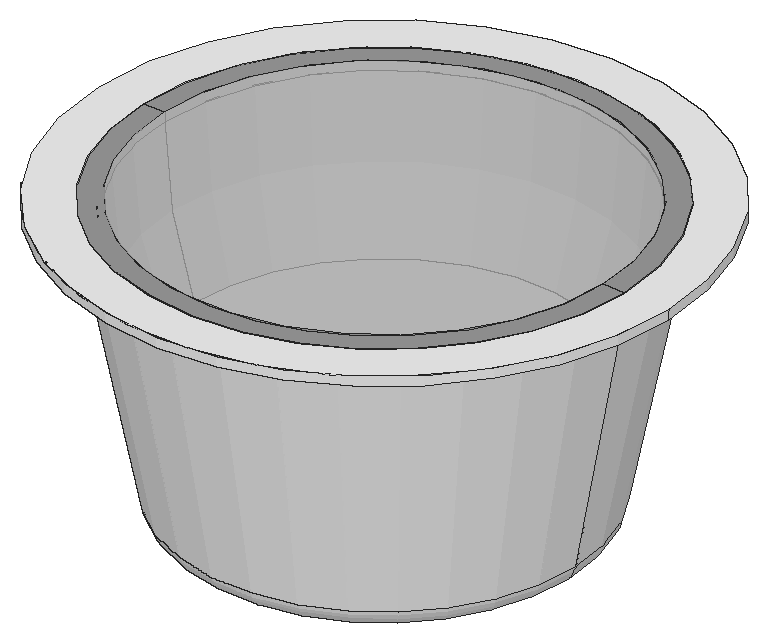
Revit family "2059106 Lighting Fixture_Sylvania_Ascent 100 Arch(160)-High Efficiency_Ceiling Recessed", category Lighting Fixtures, host Face, Revit 2017
Family settings
  Host = Face
  Round Connector Dimension = Use Diameter
  Part Type = Normal
  OmniClass Number = 23.80.70.11.17
  OmniClass Title = Specialized Lighting by Location or Use
  Cut with Voids When Loaded = No
  Light Source = Yes
  Shared = No
  Room Calculation Point = No
Parameters (values of type "Asct100 Arch HE 4K STD 160")
  Reflector Radius = Radius - 14.5 mm  # 80.0 mm
  Reflector Material = Aluminium_Sylvania_Ascent_Silver
  Radius = 94.5 mm
  Life = "50 000h"  # constant formula
  IP Rating = "IP44"  # constant formula
  IK Rating = "IK02"  # constant formula
  Height = 94.0 mm
  Wattage = 8.33411 W
  built-in parameter 1150110 = 1 (stored number, unit not read)
  Voltage Comments = "UNV (Universal Voltage; 220-240 Volt)"  # constant formula
  Voltage = 240 V  # constant formula
  URL = "https://www.sylvania-lighting.com/"
  built-in parameter 1114217 = 1 (stored number, unit not read)
  Tilt Angle = -90°
  built-in parameter 1150109 = 1 (stored number, unit not read)
  built-in parameter 1150134 = 12
  built-in parameter 1150113 = 1 (stored number, unit not read)
  Product Page URL = "https://www.sylvania-lighting.com/product/en-int/products/2059106"
  Product Family = "Ascent 100 Arch (160) - High Efficiency"  # constant formula
  Photometry Comments = ""
  Photometric Web File = "2059106_Asct100ArchHE4KSTD160-189189.ies"
  Glow Wire Test = 850 °C
  Emit from Circle Diameter = 2 * Diffuser Radius  # 146.0 mm
  Emit Shape Visible in Rendering = no
  Drive Current = "350mA"  # constant formula
  Diffuser Radius = Reflector Radius - 7.0 mm  # 73.0 mm
  Diffuser Material = Polycarbonate_Sylvania_Ascent_Clear
  Diameter = 2 * Radius  # 189.0 mm
  Cutout Diameter = Diameter - 13.0 mm  # 176.0 mm
  built-in parameter 1114216 [instance] = 1 (stored number, unit not read)
  Model = "Asct100 Arch HE 4K STD 160"
  Manufacturer = "Feilo-Sylvania Group"
  built-in parameter 1150105 = 421.29 (stored number, unit not read)
  Lumens = 898 lm
  built-in parameter 1150115 = 1 (stored number, unit not read)
  built-in parameter 1150137 = (empty or 0)
  built-in parameter 1150139 = (empty or 0)
  built-in parameter 1150112 = 1 (stored number, unit not read)
  built-in parameter 1150114 = 1 (stored number, unit not read)
  Lamp = "Integrated LED"
  built-in parameter 1150132 = 2
  built-in parameter 1150102 = (empty or 0)
  built-in parameter 1150107 = 4000 (stored number, unit not read)
  built-in parameter 1150138 = (empty or 0)
  built-in parameter 1150106 = 4.2129 (stored number, unit not read)
  Body Material = Aluminum_Sylvania_Ascent_White
  built-in parameter 1150104 = 10.01 (stored number, unit not read)
  Dimming Lamp Color Temperature Shift = <None>
  Description = "Direct LED retro fit for original LED 100 Arch (160) single CFL lamp offering Matching lumen levels and improved light distribution of original LED 100 CFL lamp equivalents Typically half the power consumption compared to CFL Up to 112lm/W 160mm aperture Architectural reflector accepts range of glass accessories from existing LED 100 Arch 160 offering HE, HO and VHO versions equivalent of single 1 x 18W, 1 x 32W, 1 x 42W\r\n Additional VVHO versions which offer the performance circa 2 x 32W equivalent"  # constant formula
  Default Elevation = 0.0 mm
  Color Filter = 16777215
  Catalog Number = "2059106 Asct100 Arch HE 4K STD 160"
  built-in parameter 1140040 [instance] = 1
  built-in parameter 1114218 = 1 (stored number, unit not read)
  built-in parameter 1150133 = 10 (stored number, unit not read)
  Assembly Code = "D5020200"
  Apparent Load Comments = ""
  Apparent Load = 8 VA
  Aperture = 2 * Reflector Radius  # 160.0 mm
  Accessory Material = Aluminum_Sylvania_Ascent_White
Reference planes
  plane 1 "Center (Front/Back)": y = 0
  plane 2: z = 0
  plane 3 "Center (Left/Right)": x = 0
  plane 4 "Fixture Bottom": z = 3
  plane 5: z = -52.5
  plane 6 "Fixture Top": z = -91
Forms (mm)
  Extrusion 1, solid, material "Aluminum_Sylvania_Ascent_White" <- "Accessory Material", detail levels fine
    sketch origin (0, 0, 0) x (1, 0, 0) y (0, 1, 0)
      loop
        circle (0, 0) r 94.5
      loop
        circle (0, 0) r 80
    from 0 to 3
  Extrusion 2, void
    sketch origin (0, 0, 0) x (1, 0, 0) y (0, 1, 0)
      loop
        circle (0, 0) r 88
    from -91 to 3
  Revolve 3, solid, material "Aluminum_Sylvania_Ascent_White" <- "Body Material", detail levels fine
    sketch origin (0, 0, 0) x (1, 0, 0) y (0, 0, 1)
      loop
        line (0, -91.073) -> (0, -89.023) -> (-55.468, -89.014)
        arc (-55.468, -89.014) -> (-59.352, -87.613) -> (-61.54, -84.139) r 6.307
        line (-61.54, -84.139) -> (-77.991, -2.844) -> (-77.991, 0) -> (-80, 0) -> (-80, -3) -> (-63.5, -84.536)
        arc (-63.5, -84.536) -> (-60.643, -89.203) -> (-55.5, -91.073) r 8.291
        line (-55.5, -91.073) -> (0, -91.073)
      axis (0, 0) -> (0, -91.073)
    angle from 0 to 360
  Revolve 4, solid, material "Aluminium_Sylvania_Ascent_Silver" <- "Reflector Material", detail levels fine
    sketch origin (0, 0, 0) x (1, 0, 0) y (0, 0, 1)
      loop
        line (-80, 3) -> (-80, 0) -> (-75, 0)
        arc (-75, 0) -> (-72.349, -26.77) -> (-64.5, -52.5) r 136.5
        line (-64.5, -52.5) -> (-58, -52.5)
        arc (-58, -52.5) -> (-56.857, -61.521) -> (-53.5, -69.971) r 36.166
        line (-53.5, -69.971) -> (0, -69.971) -> (0, -50.5) -> (-63.16, -50.5)
        arc (-63.16, -50.5) -> (-70.517, -25.725) -> (-73, 0) r 134.5
        line (-73, 0) -> (-73, 3) -> (-80, 3)
      axis (0, 3) -> (0, -69.971)
    angle from 0 to 360
  Extrusion 5, solid, material "Polycarbonate_Sylvania_Ascent_Clear" <- "Diffuser Material", detail levels fine
    sketch origin (0, 0, 0) x (1, 0, 0) y (0, 1, 0)
      loop
        circle (0, 0) r 73
    from 0 to 3
  Revolve 6, solid, material "Aluminum_Sylvania_Ascent_White" <- "Accessory Material", detail levels coarse+medium
    sketch origin (0, 0, 0) x (1, 0, 0) y (0, 0, 1)
      loop
        line (0, -91.073) -> (0, 3) -> (-94.5, 3) -> (-94.5, 0) -> (-79.5, 0) -> (-79.5, -3) -> (-63, -84.536)
        arc (-63, -84.536) -> (-60.143, -89.203) -> (-55, -91.073) r 8.291
        line (-55, -91.073) -> (0, -91.073)
      axis (0, 3) -> (0, -91.073)
    angle from 0 to 360
Dimensions and locks
  locked: plane 4 "Fixture Bottom" to plane 2 at 3
  "Height": plane 4 "Fixture Bottom" to plane 6 "Fixture Top"
  "Reflector Radius": plane 3 "Center (Left/Right)" to Revolve 4 sketch curve
  locked: Revolve 4 sketch curve to Revolve 4 sketch curve at 15.5
  locked: Revolve 4 sketch curve to Revolve 4 sketch curve at 5
  locked: Revolve 4 sketch curve to Revolve 4 sketch curve at 7
  locked: Revolve 4 sketch curve to Revolve 4 sketch curve at 22
  locked: Revolve 4 sketch curve to Revolve 4 sketch curve at 26.5
  locked: Revolve 3 sketch curve to Revolve 3 sketch curve at 16.5
  locked: Revolve 3 sketch curve to Revolve 3 sketch curve at 24.5
  "Reflector Radius": Revolve 3 sketch curve to plane 3 "Center (Left/Right)"
  locked: Revolve 3 sketch curve to plane 6 "Fixture Top" at 6.464
  locked: plane 2 to Revolve 3 sketch curve at 3
  locked: Revolve 3 sketch curve to Revolve 3 sketch curve at 2
  locked: Revolve 3 sketch curve to Revolve 3 sketch curve at 2.009
  locked: plane 2 to plane 5 at 52.5
  locked: Revolve 6 sketch curve to Revolve 6 sketch curve at 31.5
  locked: Revolve 6 sketch curve to Revolve 6 sketch curve at 39.5
  locked: Revolve 6 sketch curve to Revolve 6 sketch curve at 15
  "Radius": plane 3 "Center (Left/Right)" to Revolve 6 sketch curve
  "Cutout Diameter": diameter of Extrusion 2 sketch curve
  "Reflector Radius": radius of Extrusion 1 sketch curve
  "Diffuser Radius": radius of Extrusion 5 sketch curve
  "Radius": radius of Extrusion 1 sketch curve
  aligned and locked: host face to plane 2
  aligned and locked: host face to level
  aligned and locked: plane 1 "Center (Front/Back)" to imposter light
  aligned and locked: plane 3 "Center (Left/Right)" to imposter light
  aligned and locked: plane 4 "Fixture Bottom" to Extrusion 1
  aligned and locked: Extrusion 1 to plane 2
  aligned and locked: Revolve 3 sketch curve to plane 3 "Center (Left/Right)"
  aligned and locked: Revolve 4 sketch curve to plane 3 "Center (Left/Right)"  (x2)
  aligned and locked: plane 4 "Fixture Bottom" to Revolve 4 sketch curve
  aligned and locked: Revolve 3 sketch curve to imposter light
  aligned and locked: Extrusion 5 to plane 2
  aligned and locked: imposter light to Extrusion 5
  aligned and locked: plane 2 to Revolve 3 sketch curve  (x2)
  aligned and locked: Revolve 6 sketch curve to imposter light
  aligned and locked: Revolve 6 sketch curve to plane 3 "Center (Left/Right)"
  aligned and locked: plane 6 "Fixture Top" to Extrusion 2
  aligned and locked: imposter light to Extrusion 2
  aligned and locked: imposter light to plane 4 "Fixture Bottom"
Automatic sketch dimensions
  plane 1 "Center (Front/Back)" to Extrusion 2 sketch curve = 0.0 mm
  Extrusion 2 sketch curve to plane 3 "Center (Left/Right)" = 0.0 mm
  Extrusion 1 sketch curve to Extrusion 1 sketch curve = 0.0 mm  (x2)
  plane 1 "Center (Front/Back)" to Extrusion 1 sketch curve = 0.0 mm
  Extrusion 1 sketch curve to plane 3 "Center (Left/Right)" = 0.0 mm
  plane 6 "Fixture Top" to Revolve 3 sketch curve = 0.073 mm
  Revolve 3 sketch curve to plane 6 "Fixture Top" = 6.861 mm
  Revolve 3 sketch curve to Revolve 3 sketch curve = 0.003 mm
  Revolve 3 sketch curve to Revolve 3 sketch curve = 0.009 mm  (x2)
  Revolve 3 sketch curve to Revolve 3 sketch curve = 0.023 mm
  Revolve 3 sketch curve to Revolve 3 sketch curve = 0.072 mm
  Revolve 3 sketch curve to Revolve 3 sketch curve = 0.008 mm
  Revolve 3 sketch curve to plane 6 "Fixture Top" = 1.977 mm
  Revolve 3 sketch curve to Revolve 3 sketch curve = 33.496 mm
  Revolve 3 sketch curve to Revolve 3 sketch curve = 0.028 mm
  plane 4 "Fixture Bottom" to Revolve 3 sketch curve = 82.431 mm
  Revolve 4 sketch curve to Revolve 4 sketch curve = 0.0 mm  (x2)
  Revolve 4 sketch curve to plane 5 = 0.0 mm
  Revolve 4 sketch curve to level = 0.0 mm
  plane 5 to Revolve 4 sketch curve = 2.0 mm
  plane 4 "Fixture Bottom" to Revolve 4 sketch curve = 9.642 mm
  plane 1 "Center (Front/Back)" to Extrusion 5 sketch curve = 0.0 mm
  Extrusion 5 sketch curve to plane 3 "Center (Left/Right)" = 0.0 mm
  Revolve 4 sketch curve to level = 69.971 mm
  Revolve 4 sketch curve to Revolve 4 sketch curve = 2.387 mm
  Revolve 6 sketch curve to level = 0.0 mm
  Revolve 6 sketch curve to plane 3 "Center (Left/Right)" = 0.0 mm
  Revolve 6 sketch curve to Revolve 6 sketch curve = 8.104 mm
  Revolve 6 sketch curve to level = 3.0 mm
  Revolve 6 sketch curve to plane 6 "Fixture Top" = 6.464 mm
  plane 6 "Fixture Top" to Revolve 6 sketch curve = 0.073 mm
  Revolve 6 sketch curve to Revolve 6 sketch curve = 33.496 mm
  plane 4 "Fixture Bottom" to Revolve 6 sketch curve = 82.431 mm
  host sketch curve to host sketch curve = 1704.996 mm
  host sketch curve to host sketch curve = 1500.0 mm
Connectors
  electrical at (0, 0, -91.073), driven by "Voltage", driven by "Apparent Load"
    settings: on Revolve 3, index 1, voltage 240 V, apparent load 0 VA, apparent load phase1 8 VA, apparent load phase2 0 VA, apparent load phase3 0 VA, power factor 1, load classification "Lighting", number of poles 1, system type 31, power factor state 1, is connector primary yes, connector utility no, sub classification motor no, connector description ""
